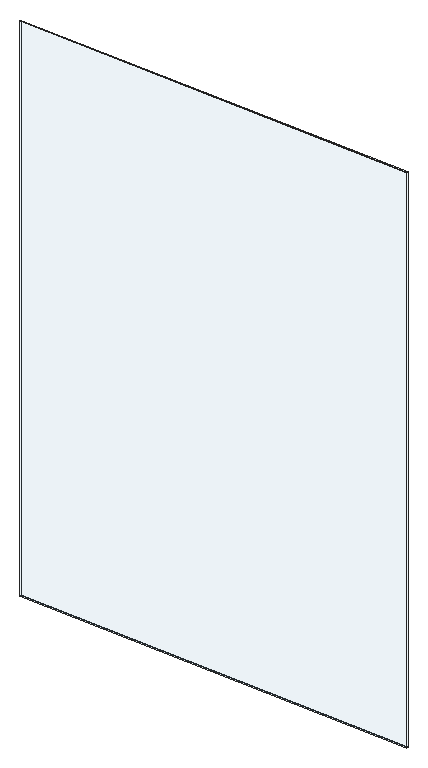
Revit family "ALSPEC Hunter Evo 150 SGL Flush GLZ", category Curtain Panels, Revit 2017
Family settings
  OmniClass Number = 23.25.20.14.11.11.17
  OmniClass Title = Infill Panels
  Always vertical = Yes
  Cut with Voids When Loaded = No
  Shared = No
Parameters
  YEAR = "2019"
  VERSION = "2.0"
  TODAYS DATE = "05.02.2019"
  SINGLE GLAZED THICKNESS = 14 mm
  CREATOR = " Scott Isouard"  # constant formula
  COMPANY = "Archvis"  # constant formula
  Assembly Code = ""
  Analytic Construction = "<None>"
  ANZRC Compliant = yes
  A = if(SINGLE GLAZED THICKNESS > 14 mm, 14 mm, if(SINGLE GLAZED THICKNESS < 4 mm, 4 mm, SINGLE GLAZED THICKNESS))  # 14 mm
Reference planes
  plane 1 "Center (Front/Back)": y = 0
  plane 2: z = 0
  plane 3 "Center (Left/Right)": x = 0
  plane 4 "Left": x = -1500
  plane 5 "Right": x = 1500
  plane 6 "Top": z = 4000
  plane 7: z = -50
  plane 8: y = 50
  plane 9: y = 64
  plane 10: y = 57
Forms (mm)
  Extrusion 1, solid, material "Glass"
    sketch origin (0, 0, 0) x (1, 0, 0) y (0, 1, 0)
      loop
        line (-1500, 64) -> (-1500, 50) -> (1500, 50) -> (1500, 64) -> (-1500, 64)
    from 0 to 4000
Text (mm)
  text "Exterior" at (-2351.972, 1416.179, 0), in view "Ref. Level"
  text "Exterior" at (0, 2290.741, 4406.713), in view "Left"
  text "Exterior" at (0, 1328.187, 4120.349), in view "Right"
Dimensions and locks
  equal spacing: plane 4 "Left", plane 3 "Center (Left/Right)", plane 5 "Right"
  locked: plane 7 to plane 2 at 50
  equal spacing: plane 8, plane 10, plane 9, locked at 7 each
  "A": plane 8 to plane 9
  locked: plane 1 "Center (Front/Back)" to plane 10 at 57
  aligned and locked: Extrusion 1 to plane 6 "Top"
  aligned and locked: plane 4 "Left" to Extrusion 1 sketch curve
  aligned and locked: Extrusion 1 sketch curve to plane 5 "Right"
  aligned and locked: Extrusion 1 sketch curve to plane 8
  aligned and locked: plane 9 to Extrusion 1 sketch curve
